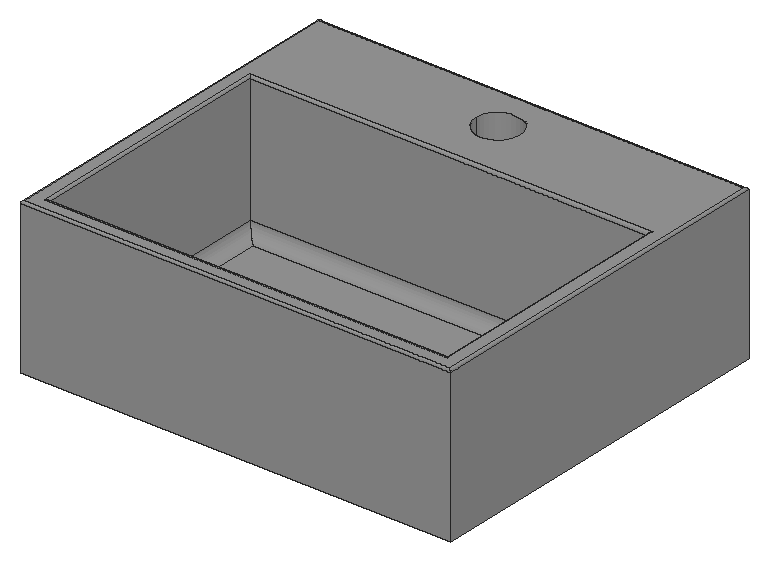
Revit family "TSOMO", category Generic Models, Revit 2020
Family settings
  Can host rebar = No
  Round Connector Dimension = Use Diameter
  Part Type = Normal
  Work Plane-Based = No
  Always vertical = Yes
  Cut with Voids When Loaded = No
  Shared = No
  Room Calculation Point = No
Parameters
  Default Elevation = 0 mm
Reference planes
  plane 1 "Center (Front/Back)": y = 0
  plane 2: z = 0
  plane 3 "Center (Left/Right)": x = 0
Forms (mm)
  Extrusion 1, solid, material "Ceramic white"
    sketch origin (0, 0, 0) x (1, 0, 0) y (0, 1, 0)
      loop
        line (-172.114, 168.818) -> (-172.114, -121.182) -> (162.886, -121.182) -> (162.886, 168.818) -> (-172.114, 168.818)
      loop
        line (-159.581, 86.828) -> (-159.581, -108.172) -> (150.419, -108.172) -> (150.419, 86.828) -> (-159.581, 86.828)
      loop
        circle (-3.013, 132.501) r 17.5
    from 0 to 120
  Extrusion 2, solid, material "Ceramic white"
    sketch origin (0, 0, 0) x (1, 0, 0) y (0, 1, 0)
      loop
        line (-159.581, 86.828) -> (-159.581, -108.172) -> (150.419, -108.172) -> (150.419, 86.828) -> (-159.581, 86.828)
      loop
        circle (0, 0) r 22.5
    from 0 to 10
  Sweep 3, solid, material "Ceramic white"
    path origin (0, 0, 0) x (1, 0, 0) y (0, 1, 0)
      loop
        line (-159.581, 86.828) -> (-159.581, -108.172) -> (150.419, -108.172) -> (150.419, 86.828) -> (-159.581, 86.828)
    profile origin (-4.581, 86.828, 0) x (0, 1, 0) y (0, 0, 1)
      loop
        line (0, 10) -> (0, 20)
        arc (0, 20) -> (-2.929, 12.929) -> (-10, 10) r 10
        line (-10, 10) -> (0, 10)
  Sweep 4, void
    path origin (0, 0, 120) x (1, 0, 0) y (0, 1, 0)
      loop
        line (150.419, 86.828) -> (-159.581, 86.828) -> (-159.581, -108.172) -> (150.419, -108.172) -> (150.419, 86.828)
    profile origin (-4.581, 86.828, 120) x (0, -1, 0) y (0, 0, 1)
      loop
        line (0, 0) -> (-2, 0)
        arc (-2, 0) -> (-0.586, -0.586) -> (0, -2) r 2
        line (0, -2) -> (0, 0)
  Sweep 5, void
    path origin (0, 0, 120) x (1, 0, 0) y (0, 1, 0)
      loop
        line (162.886, 168.818) -> (-172.114, 168.818) -> (-172.114, -121.182) -> (162.886, -121.182) -> (162.886, 168.818)
    profile origin (-4.614, 168.818, 120) x (0, -1, 0) y (0, 0, 1)
      loop
        line (0, 0) -> (0, -2)
        arc (0, -2) -> (0.586, -0.586) -> (2, 0) r 2
        line (2, 0) -> (0, 0)
  Sweep 6, void
    path origin (0, 0, 10) x (1, 0, 0) y (0, 1, 0)
      loop
        circle (0, 0) r 22.5
    profile origin (0, 22.5, 10) x (0, 1, 0) y (0, 0, 1)
      loop
        line (0, 0) -> (0, -2)
        arc (0, -2) -> (0.586, -0.586) -> (2, 0) r 2
        line (2, 0) -> (0, 0)
Cuts and joins
  Sweep 4, Sweep 5 cuts Extrusion 1
  Sweep 6 cuts Extrusion 2
Dimensions and locks
  aligned and locked: level to plane 2
